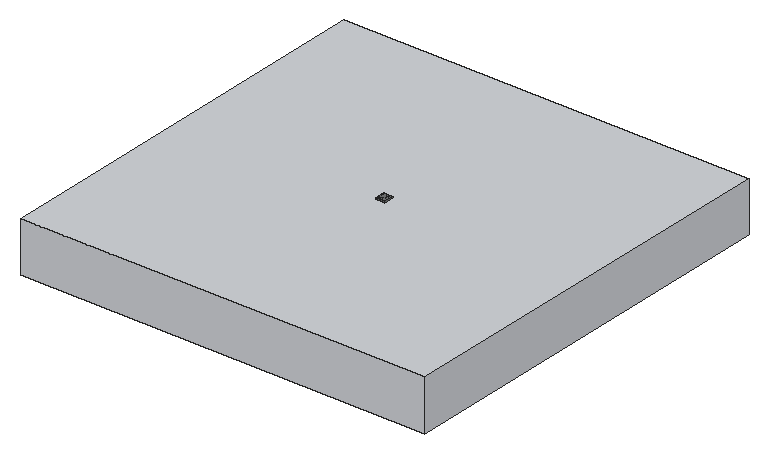
Revit family "Gira_039003", category Elektroinstallationen, Revit 2017
Family settings
  Basisbauteil = Fläche
  Beschriftungsausrichtung beibehalten = Nein
  Bemaßung runder Anschluss = Durchmesser verwenden
  Teiletyp = Normal
  Beim Laden mit Abzugskörper schneiden = Nein
  Gemeinsam genutzt = Nein
  Raumberechnungspunkt = Nein
Parameters (values of type "Rocker set 3-g in.sp. System 55 clear/p.white")
  With tap water circuit = no
  With sound indicator = no
  With receiver = no
  With label area = no
  With heating = no
  With exchangeable lens/symbol = no
  With display = no
  With DCF77 = no
  Weather station = no
  Utilization = "Switch/push button"
  URL = "https://www.gira.de/"
  Typname = "RTC 230/10 (4) A NC con. System 55 p.white"
  Type of power supply = "230 V AC"
  Type of fastening = "Clamp mounting"
  Transparent = no
  Thermal feedback = "None"
  Temperature readable = no
  Surface protection = "Other"
  Surface finishing = "Not applicable"
  Suitable for touch sensor connector for bus system = no
  Suitable for degree of protection (IP) = "IP20"
  Sensor/feeler type = "Other"
  Scannable symbol / barrier free = no
  RAL-number (akin) = 9010
  RAL-number = 9010
  Productwebsite = "http://katalog.gira.de/en/datenblatt.html?artikelnr=039003"
  Other bus systems = "None"
  Operation = "Turn"
  Number of channels = 3
  Mounting method = "Flush mounted (plaster)"
  Monitoring window/light outlet = yes
  Model = "On/Off"
  Measuring range minimum value [m/s] = 5
  Measuring range maximum value [m/s] = 30
  Material quality = "Other"
  Material = "Other"
  Imprint/indication = "Without imprint"
  Hersteller = "Gira"
  Heating = yes
  Halogen free = yes
  HAN = "039003"
  GTIN = "4010337390039"
  External sensor = no
  Explosion-proof = no
  Degree of protection (IP) = "IP20"
  Data sheet = "https://katalog.gira.de/en/download.html?artikelnr=039003"
  Cooling = no
  Control characteristic = "Other"
  Contact type = "Breaker contact"
  Connection = "Two-wire"
  Colour = "Clear white"
  Bus system radio frequent = no
  Bus system Powernet = no
  Bus system LON = no
  Bus system KNX radio = no
  Bus system KNX = yes
  Bus connection included = no
  Beschreibung = "RTC 230V NC con. Sys55 PW,Room temperature controller 230 10 (4) A~ with NC contact,System 55,pure white glossy,Notes :,- For screw mounting only.,- Flat design."
  Bauelement = "Sys55_Abdeckung_Schalten und Tasten"
  Default Elevation = 1219.2 mm
  BIM = "https://media.stage.bim.site/public/gira/ad86d9f/Sys55_Abdeckung_Schalten%20und%20Tasten.rfa?public/gira/ad86d9f/Sys55_Abdeckung_Schalten und Tasten.rfa"
  Anthrazit [instance] = Anthrazit
  Analogue input = no
  Adjustable differential = no
  Acoustic signal = yes
Types (2, lengths in mm): name | Bauelement
  Rocker set 3-g in.sp. System 55 clear/p.white | "Sys55_Abdeckung_Schalten und Tasten"
  Sys55_Abdeckung_Schalten und Tasten | 0
Reference planes
  plane 1 "Center (Front/Back)": y = 0
  plane 2: z = 0
  plane 3 "Center (Left/Right)": x = 0
Forms (mm)
  Extrusion 1, solid
    sketch origin (0, 0, 0) x (1, 0, 0) y (0, 1, 0)
      loop
        line (-1219.2, 1219.2) -> (-1219.2, -1219.2) -> (1219.2, -1219.2) -> (1219.2, 1219.2) -> (-1219.2, 1219.2)
    from 0 to -304.8
  Extrusion 2, solid, material "Anthrazit" <- "Anthrazit", detail levels fine
    sketch origin (0, 0, 0) x (1, 0, 0) y (0, 1, 0)
      loop
        line (-27.5, 27.5) -> (-27.5, -27.5) -> (27.5, -27.5) -> (27.5, 27.5) -> (-27.5, 27.5)
    from 0 to 8
  Extrusion 3, void
    sketch origin (0, 0, 0) x (1, 0, 0) y (0, 1, 0)
      loop
        line (26, 26) -> (-26, 26) -> (-26, -26) -> (26, -26) -> (26, 26)
    from 0 to 6
  Extrusion 4, solid, material "Anthrazit" <- "Anthrazit", detail levels medium
    sketch origin (0, 0, 0) x (1, 0, 0) y (0, 1, 0)
      loop
        line (-27.5, 27.5) -> (-27.5, -27.5) -> (27.5, -27.5) -> (27.5, 27.5) -> (-27.5, 27.5)
    from 0 to 8
  Extrusion 5, solid, material "Anthrazit" <- "Anthrazit", detail levels medium
    sketch origin (0, 0, 0) x (1, 0, 0) y (0, 1, 0)
      loop
        line (11, -17.5) -> (11, 17.5) -> (-11, 17.5) -> (-11, -17.5) -> (11, -17.5)
    from -6 to 6
  Extrusion 6, solid, material "Anthrazit" <- "Anthrazit", detail levels fine
    sketch origin (0, 0, 0) x (1, 0, 0) y (0, 1, 0)
      loop
        line (11, 17.5) -> (-11, 17.5) -> (-11, 16.5) -> (11, 16.5) -> (11, 17.5)
      loop
        line (-11, -16.5) -> (-11, -17.5) -> (11, -17.5) -> (11, -16.5) -> (-11, -16.5)
    from -4 to 6
  Extrusion 7, solid, material "Anthrazit" <- "Anthrazit", detail levels fine
    sketch origin (0, 0, 0) x (1, 0, 0) y (0, 1, 0)
      loop
        arc (5, 9.347) -> (0, 10.6) -> (-5, 9.347) r 10.6
        line (-5, 9.347) -> (-5, -9.347)
        arc (-5, -9.347) -> (0, -10.6) -> (5, -9.347) r 10.6
        line (5, -9.347) -> (5, 9.347)
    from -6 to 6
  Extrusion 8, solid, material "Anthrazit" <- "Anthrazit", detail levels coarse
    sketch origin (0, 0, 0) x (1, 0, 0) y (0, 1, 0)
      loop
        line (-27.5, 27.5) -> (-27.5, -27.5) -> (27.5, -27.5) -> (27.5, 27.5) -> (-27.5, 27.5)
    from -6 to 8
Cuts and joins
  Extrusion 3 cuts Extrusion 2
Dimensions and locks
  aligned and locked: plane 2 to Extrusion 1
  aligned and locked: level to Extrusion 1
